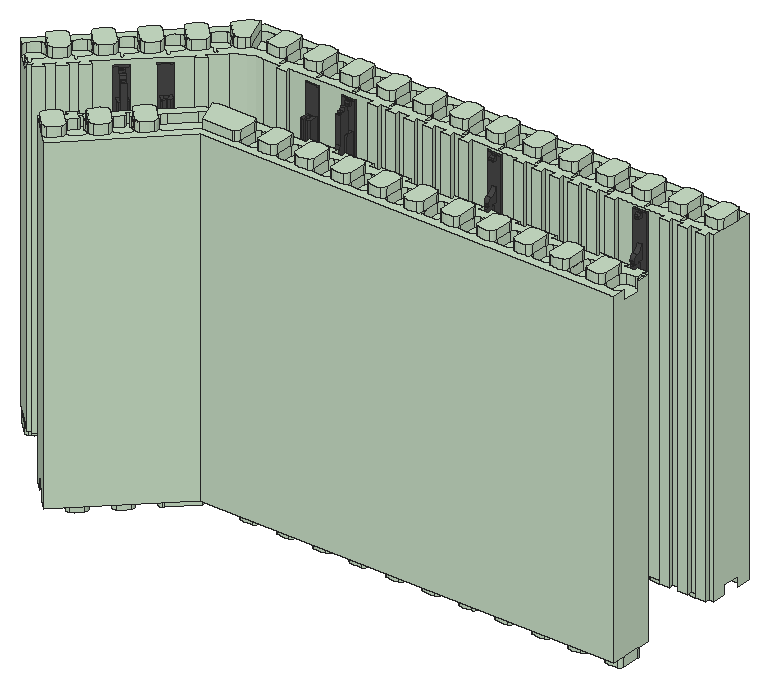
Revit family
Reference planes (in)
  plane 1 "Center (Front/Back)": y = 0
  plane 2: z = 0
  plane 3 "Center (Left/Right)": x = 0
  plane 4: y = 2
  plane 5: y = -2
  plane 6: through (-0.53553, 2.29289, 48) normal (0.7071, -0.7071, 0)
  plane 7: through (4.67464, 4.67464, 48) normal (0.7071, -0.7071, 0)
  plane 8: through (6.08886, 3.26043, 48) normal (0.7071, -0.7071, 0)
  plane 9: z = 18
  plane 10: through (-9.36225, -2.82151, 48) normal (0.7071, 0.7071, 0)
Forms (in)
  Extrusion 1, solid, material "NUDURA Expanded Polystyrene Foam Insulation"
    sketch origin (0, 0, 0) x (1, 0, 0) y (0, 1, 0)
      loop
        line (-1.91574, 4.625) -> (-9.36225, -2.82151) -> (-7.68287, -4.50089) -> (-7.48406, -4.30208) -> (-7.35136, -4.52293) -> (-6.95373, -4.1253) -> (-7.17458, -3.9926) -> (-6.77695, -3.59497) -> (-6.64425, -3.81582) -> (-6.24662, -3.41819) -> (-6.46747, -3.28549) -> (-6.06985, -2.88786) -> (-5.93714, -3.10872) -> (-5.53952, -2.71109) -> (-5.76037, -2.57839) -> (-2.53419, 0.64779) -> (-2.40149, 0.42694) -> (-2.00386, 0.82456) -> (-2.22471, 0.95727) -> (-1.51777, 1.66421)
        arc (-1.51777, 1.66421) -> (-0.86892, 2.09776) -> (-0.10355, 2.25) r 2
        line (-0.10355, 2.25) -> (0.89622, 2.25) -> (0.83389, 2) -> (1.39622, 2) -> (1.33389, 2.25) -> (5.89639, 2.25) -> (5.83406, 2) -> (6.39639, 2) -> (6.33406, 2.25) -> (6.89639, 2.25) -> (6.83406, 2) -> (7.39639, 2) -> (7.33406, 2.25) -> (7.89639, 2.25) -> (7.83406, 2) -> (8.39639, 2) -> (8.33406, 2.25) -> (8.89639, 2.25) -> (8.83406, 2) -> (9.39639, 2) -> (9.33406, 2.25) -> (9.89639, 2.25) -> (9.83406, 2) -> (10.39639, 2) -> (10.33406, 2.25) -> (10.89639, 2.25) -> (10.83406, 2) -> (11.39639, 2) -> (11.33406, 2.25) -> (13.89639, 2.25) -> (13.83406, 2) -> (14.39639, 2) -> (14.33406, 2.25) -> (14.89639, 2.25) -> (14.83406, 2) -> (15.39639, 2) -> (15.33406, 2.25) -> (15.89639, 2.25) -> (15.83406, 2) -> (16.39639, 2) -> (16.33406, 2.25) -> (16.89639, 2.25) -> (16.83406, 2) -> (17.39639, 2) -> (17.33406, 2.25) -> (17.89639, 2.25) -> (17.83406, 2) -> (18.39639, 2) -> (18.33406, 2.25) -> (18.89639, 2.25) -> (18.83406, 2) -> (19.39639, 2) -> (19.33406, 2.25) -> (21.89639, 2.25) -> (21.83406, 2) -> (22.39639, 2) -> (22.33406, 2.25) -> (22.89639, 2.25) -> (22.83406, 2) -> (23.39639, 2) -> (23.33406, 2.25) -> (23.89639, 2.25) -> (23.83406, 2) -> (24.39639, 2) -> (24.33406, 2.25) -> (24.61522, 2.25) -> (24.61522, 4.625) -> (-1.91574, 4.625)
      loop
        line (24.61522, -2.25) -> (24.33406, -2.25) -> (24.39639, -2) -> (23.83406, -2) -> (23.89639, -2.25) -> (23.33406, -2.25) -> (23.39639, -2) -> (22.83406, -2) -> (22.89639, -2.25) -> (22.33406, -2.25) -> (22.39639, -2) -> (21.83406, -2) -> (21.89639, -2.25) -> (19.33406, -2.25) -> (19.39639, -2) -> (18.83406, -2) -> (18.89639, -2.25) -> (18.33406, -2.25) -> (18.39639, -2) -> (17.83406, -2) -> (17.89639, -2.25) -> (17.33406, -2.25) -> (17.39639, -2) -> (16.83406, -2) -> (16.89639, -2.25) -> (16.33406, -2.25) -> (16.39639, -2) -> (15.83406, -2) -> (15.89639, -2.25) -> (15.33406, -2.25) -> (15.39639, -2) -> (14.83406, -2) -> (14.89639, -2.25) -> (14.33406, -2.25) -> (14.39639, -2) -> (13.83406, -2) -> (13.89639, -2.25) -> (11.33406, -2.25) -> (11.39639, -2) -> (10.83406, -2) -> (10.89639, -2.25) -> (10.33406, -2.25) -> (10.39639, -2) -> (9.83406, -2) -> (9.89639, -2.25) -> (9.33406, -2.25) -> (9.39639, -2) -> (8.83406, -2) -> (8.89639, -2.25) -> (8.33406, -2.25) -> (8.39639, -2) -> (7.83406, -2) -> (7.89639, -2.25) -> (7.33406, -2.25) -> (7.39639, -2) -> (6.83406, -2) -> (6.89639, -2.25) -> (6.33406, -2.25) -> (6.39639, -2) -> (5.83406, -2) -> (5.89639, -2.25) -> (1.76041, -2.25)
        arc (1.76041, -2.25) -> (0.99504, -2.40224) -> (0.34619, -2.83579) r 2
        line (0.34619, -2.83579) -> (-2.57839, -5.76037) -> (-2.71109, -5.53952) -> (-3.10872, -5.93714) -> (-2.88786, -6.06985) -> (-3.28549, -6.46747) -> (-3.41819, -6.24662) -> (-3.81582, -6.64425) -> (-3.59497, -6.77695) -> (-3.9926, -7.17458) -> (-4.1253, -6.95373) -> (-4.52293, -7.35136) -> (-4.30208, -7.48406) -> (-4.50089, -7.68287) -> (-2.82151, -9.36225) -> (1.91574, -4.625) -> (24.61522, -4.625) -> (24.61522, -2.25)
    from 0 to 18
  Extrusion 2, solid, material "NUDURA Expanded Polystyrene Foam Insulation"
    sketch origin (0.41421, -1, 0) x (1, 0, 0) y (0, 1, 0)
      loop
        line (-1.52741, 3.6875) -> (-2.09947, 5.06856)
        arc (-2.09947, 5.06856) -> (-2.3696, 4.92417) -> (-2.60638, 4.72985) r 1.5625
        line (-2.60638, 4.72985) -> (-2.74959, 4.58664)
        arc (-2.74959, 4.58664) -> (-2.85744, 4.46046) -> (-2.94431, 4.31902) r 1.0625
        arc (-2.94431, 4.31902) -> (-2.96867, 4.16628) -> (-2.8985, 4.02844) r 0.25
        line (-2.8985, 4.02844) -> (-2.24713, 3.37708)
        arc (-2.24713, 3.37708) -> (-2.10929, 3.3069) -> (-1.95655, 3.33126) r 0.25
        arc (-1.95655, 3.33126) -> (-1.81511, 3.41814) -> (-1.68893, 3.52598) r 1.0625
        line (-1.68893, 3.52598) -> (-1.52741, 3.6875)
    from 18 to 18.5
  Extrusion 3, solid, material "NUDURA Expanded Polystyrene Foam Insulation"
    sketch origin (0.41421, -1, 0) x (1, 0, 0) y (0, 1, 0)
      loop
        line (-1.52741, 3.6875) -> (-1.29899, 3.6875)
        arc (-1.29899, 3.6875) -> (-1.13351, 3.70047) -> (-0.97207, 3.73905) r 1.0625
        arc (-0.97207, 3.73905) -> (-0.84684, 3.82983) -> (-0.79899, 3.97692) r 0.25
        line (-0.79899, 3.97692) -> (-0.79899, 4.89808)
        arc (-0.79899, 4.89808) -> (-0.84684, 5.04517) -> (-0.97207, 5.13595) r 0.25
        arc (-0.97207, 5.13595) -> (-1.13351, 5.17453) -> (-1.29899, 5.1875) r 1.0625
        line (-1.29899, 5.1875) -> (-1.50152, 5.1875)
        arc (-1.50152, 5.1875) -> (-1.80635, 5.15748) -> (-2.09947, 5.06856) r 1.5625
        line (-2.09947, 5.06856) -> (-1.52741, 3.6875)
    from 0 to -0.5
  Extrusion 4, void
    sketch origin (-1, 0.41421, 0) x (1, 0, 0) y (0, 1, 0)
      loop
        arc (-1.33783, -8.60117) -> (-1.07021, -8.40645) -> (-0.87549, -8.13883) r 1.0625
        arc (-0.87549, -8.13883) -> (-0.85114, -7.98608) -> (-0.92131, -7.84824) r 0.25
        line (-0.92131, -7.84824) -> (-1.57267, -7.19688)
        arc (-1.57267, -7.19688) -> (-1.64938, -7.14456) -> (-1.7399, -7.12384) r 0.25
        arc (-1.7399, -7.12384) -> (-1.76253, -7.11866) -> (-1.78171, -7.10558) r 0.0625
        line (-1.78171, -7.10558) -> (-2.02643, -6.86086) -> (-2.14723, -6.98165) -> (-1.99053, -7.13835)
        arc (-1.99053, -7.13835) -> (-1.97244, -7.18765) -> (-1.99833, -7.23335) r 0.0625
        arc (-1.99833, -7.23335) -> (-2.18471, -7.40379) -> (-2.32559, -7.6134) r 1.0625
        arc (-2.32559, -7.6134) -> (-2.34995, -7.76615) -> (-2.27978, -7.90399) r 0.25
        line (-2.27978, -7.90399) -> (-1.62842, -8.55535)
        arc (-1.62842, -8.55535) -> (-1.49058, -8.62552) -> (-1.33783, -8.60117) r 0.25
    from 18 to 17.5
  Extrusion 5, void
    sketch origin (0.41421, 1.82843, 0) x (1, 0, 0) y (0, 1, 0)
      loop
        arc (-1.33783, -8.60117) -> (-1.07021, -8.40645) -> (-0.87549, -8.13883) r 1.0625
        arc (-0.87549, -8.13883) -> (-0.85114, -7.98608) -> (-0.92131, -7.84824) r 0.25
        line (-0.92131, -7.84824) -> (-1.57267, -7.19688)
        arc (-1.57267, -7.19688) -> (-1.64938, -7.14456) -> (-1.7399, -7.12384) r 0.25
        arc (-1.7399, -7.12384) -> (-1.76253, -7.11866) -> (-1.78171, -7.10558) r 0.0625
        line (-1.78171, -7.10558) -> (-2.02643, -6.86086) -> (-2.14723, -6.98165) -> (-1.99053, -7.13835)
        arc (-1.99053, -7.13835) -> (-1.97244, -7.18765) -> (-1.99833, -7.23335) r 0.0625
        arc (-1.99833, -7.23335) -> (-2.18471, -7.40379) -> (-2.32559, -7.6134) r 1.0625
        arc (-2.32559, -7.6134) -> (-2.34995, -7.76615) -> (-2.27978, -7.90399) r 0.25
        line (-2.27978, -7.90399) -> (-1.62842, -8.55535)
        arc (-1.62842, -8.55535) -> (-1.49058, -8.62552) -> (-1.33783, -8.60117) r 0.25
    from 18 to 17.5
  Extrusion 6, void
    sketch origin (10.81623, 1, 0) x (0.707107, -0.707107, 0) y (0.707107, 0.707107, 0)
      loop
        arc (-1.33783, -8.60117) -> (-1.07021, -8.40645) -> (-0.87549, -8.13883) r 1.0625
        arc (-0.87549, -8.13883) -> (-0.85114, -7.98608) -> (-0.92131, -7.84824) r 0.25
        line (-0.92131, -7.84824) -> (-1.57267, -7.19688)
        arc (-1.57267, -7.19688) -> (-1.64938, -7.14456) -> (-1.7399, -7.12384) r 0.25
        arc (-1.7399, -7.12384) -> (-1.76253, -7.11866) -> (-1.78171, -7.10558) r 0.0625
        line (-1.78171, -7.10558) -> (-2.02643, -6.86086) -> (-2.14723, -6.98165) -> (-1.99053, -7.13835)
        arc (-1.99053, -7.13835) -> (-1.97244, -7.18765) -> (-1.99833, -7.23335) r 0.0625
        arc (-1.99833, -7.23335) -> (-2.18471, -7.40379) -> (-2.32559, -7.6134) r 1.0625
        arc (-2.32559, -7.6134) -> (-2.34995, -7.76615) -> (-2.27978, -7.90399) r 0.25
        line (-2.27978, -7.90399) -> (-1.62842, -8.55535)
        arc (-1.62842, -8.55535) -> (-1.49058, -8.62552) -> (-1.33783, -8.60117) r 0.25
    from 18 to 17.5
  Extrusion 7, void
    sketch origin (12.81623, 1, 0) x (0.707107, -0.707107, 0) y (0.707107, 0.707107, 0)
      loop
        arc (-1.33783, -8.60117) -> (-1.07021, -8.40645) -> (-0.87549, -8.13883) r 1.0625
        arc (-0.87549, -8.13883) -> (-0.85114, -7.98608) -> (-0.92131, -7.84824) r 0.25
        line (-0.92131, -7.84824) -> (-1.57267, -7.19688)
        arc (-1.57267, -7.19688) -> (-1.64938, -7.14456) -> (-1.7399, -7.12384) r 0.25
        arc (-1.7399, -7.12384) -> (-1.76253, -7.11866) -> (-1.78171, -7.10558) r 0.0625
        line (-1.78171, -7.10558) -> (-2.02643, -6.86086) -> (-2.14723, -6.98165) -> (-1.99053, -7.13835)
        arc (-1.99053, -7.13835) -> (-1.97244, -7.18765) -> (-1.99833, -7.23335) r 0.0625
        arc (-1.99833, -7.23335) -> (-2.18471, -7.40379) -> (-2.32559, -7.6134) r 1.0625
        arc (-2.32559, -7.6134) -> (-2.34995, -7.76615) -> (-2.27978, -7.90399) r 0.25
        line (-2.27978, -7.90399) -> (-1.62842, -8.55535)
        arc (-1.62842, -8.55535) -> (-1.49058, -8.62552) -> (-1.33783, -8.60117) r 0.25
    from 18 to 17.5
  Extrusion 8, void
    sketch origin (14.81623, 1, 0) x (0.707107, -0.707107, 0) y (0.707107, 0.707107, 0)
      loop
        arc (-1.33783, -8.60117) -> (-1.07021, -8.40645) -> (-0.87549, -8.13883) r 1.0625
        arc (-0.87549, -8.13883) -> (-0.85114, -7.98608) -> (-0.92131, -7.84824) r 0.25
        line (-0.92131, -7.84824) -> (-1.57267, -7.19688)
        arc (-1.57267, -7.19688) -> (-1.64938, -7.14456) -> (-1.7399, -7.12384) r 0.25
        arc (-1.7399, -7.12384) -> (-1.76253, -7.11866) -> (-1.78171, -7.10558) r 0.0625
        line (-1.78171, -7.10558) -> (-2.02643, -6.86086) -> (-2.14723, -6.98165) -> (-1.99053, -7.13835)
        arc (-1.99053, -7.13835) -> (-1.97244, -7.18765) -> (-1.99833, -7.23335) r 0.0625
        arc (-1.99833, -7.23335) -> (-2.18471, -7.40379) -> (-2.32559, -7.6134) r 1.0625
        arc (-2.32559, -7.6134) -> (-2.34995, -7.76615) -> (-2.27978, -7.90399) r 0.25
        line (-2.27978, -7.90399) -> (-1.62842, -8.55535)
        arc (-1.62842, -8.55535) -> (-1.49058, -8.62552) -> (-1.33783, -8.60117) r 0.25
    from 18 to 17.5
  Extrusion 9, void
    sketch origin (16.81623, 1, 0) x (0.707107, -0.707107, 0) y (0.707107, 0.707107, 0)
      loop
        arc (-1.33783, -8.60117) -> (-1.07021, -8.40645) -> (-0.87549, -8.13883) r 1.0625
        arc (-0.87549, -8.13883) -> (-0.85114, -7.98608) -> (-0.92131, -7.84824) r 0.25
        line (-0.92131, -7.84824) -> (-1.57267, -7.19688)
        arc (-1.57267, -7.19688) -> (-1.64938, -7.14456) -> (-1.7399, -7.12384) r 0.25
        arc (-1.7399, -7.12384) -> (-1.76253, -7.11866) -> (-1.78171, -7.10558) r 0.0625
        line (-1.78171, -7.10558) -> (-2.02643, -6.86086) -> (-2.14723, -6.98165) -> (-1.99053, -7.13835)
        arc (-1.99053, -7.13835) -> (-1.97244, -7.18765) -> (-1.99833, -7.23335) r 0.0625
        arc (-1.99833, -7.23335) -> (-2.18471, -7.40379) -> (-2.32559, -7.6134) r 1.0625
        arc (-2.32559, -7.6134) -> (-2.34995, -7.76615) -> (-2.27978, -7.90399) r 0.25
        line (-2.27978, -7.90399) -> (-1.62842, -8.55535)
        arc (-1.62842, -8.55535) -> (-1.49058, -8.62552) -> (-1.33783, -8.60117) r 0.25
    from 18 to 17.5
  Extrusion 10, void
    sketch origin (18.81623, 1, 0) x (0.707107, -0.707107, 0) y (0.707107, 0.707107, 0)
      loop
        arc (-1.33783, -8.60117) -> (-1.07021, -8.40645) -> (-0.87549, -8.13883) r 1.0625
        arc (-0.87549, -8.13883) -> (-0.85114, -7.98608) -> (-0.92131, -7.84824) r 0.25
        line (-0.92131, -7.84824) -> (-1.57267, -7.19688)
        arc (-1.57267, -7.19688) -> (-1.64938, -7.14456) -> (-1.7399, -7.12384) r 0.25
        arc (-1.7399, -7.12384) -> (-1.76253, -7.11866) -> (-1.78171, -7.10558) r 0.0625
        line (-1.78171, -7.10558) -> (-2.02643, -6.86086) -> (-2.14723, -6.98165) -> (-1.99053, -7.13835)
        arc (-1.99053, -7.13835) -> (-1.97244, -7.18765) -> (-1.99833, -7.23335) r 0.0625
        arc (-1.99833, -7.23335) -> (-2.18471, -7.40379) -> (-2.32559, -7.6134) r 1.0625
        arc (-2.32559, -7.6134) -> (-2.34995, -7.76615) -> (-2.27978, -7.90399) r 0.25
        line (-2.27978, -7.90399) -> (-1.62842, -8.55535)
        arc (-1.62842, -8.55535) -> (-1.49058, -8.62552) -> (-1.33783, -8.60117) r 0.25
    from 18 to 17.5
  Extrusion 11, void
    sketch origin (20.81623, 1, 0) x (0.707107, -0.707107, 0) y (0.707107, 0.707107, 0)
      loop
        arc (-1.33783, -8.60117) -> (-1.07021, -8.40645) -> (-0.87549, -8.13883) r 1.0625
        arc (-0.87549, -8.13883) -> (-0.85114, -7.98608) -> (-0.92131, -7.84824) r 0.25
        line (-0.92131, -7.84824) -> (-1.57267, -7.19688)
        arc (-1.57267, -7.19688) -> (-1.64938, -7.14456) -> (-1.7399, -7.12384) r 0.25
        arc (-1.7399, -7.12384) -> (-1.76253, -7.11866) -> (-1.78171, -7.10558) r 0.0625
        line (-1.78171, -7.10558) -> (-2.02643, -6.86086) -> (-2.14723, -6.98165) -> (-1.99053, -7.13835)
        arc (-1.99053, -7.13835) -> (-1.97244, -7.18765) -> (-1.99833, -7.23335) r 0.0625
        arc (-1.99833, -7.23335) -> (-2.18471, -7.40379) -> (-2.32559, -7.6134) r 1.0625
        arc (-2.32559, -7.6134) -> (-2.34995, -7.76615) -> (-2.27978, -7.90399) r 0.25
        line (-2.27978, -7.90399) -> (-1.62842, -8.55535)
        arc (-1.62842, -8.55535) -> (-1.49058, -8.62552) -> (-1.33783, -8.60117) r 0.25
    from 18 to 17.5
  Extrusion 12, void
    sketch origin (22.81623, 1, 0) x (0.707107, -0.707107, 0) y (0.707107, 0.707107, 0)
      loop
        arc (-1.33783, -8.60117) -> (-1.07021, -8.40645) -> (-0.87549, -8.13883) r 1.0625
        arc (-0.87549, -8.13883) -> (-0.85114, -7.98608) -> (-0.92131, -7.84824) r 0.25
        line (-0.92131, -7.84824) -> (-1.57267, -7.19688)
        arc (-1.57267, -7.19688) -> (-1.64938, -7.14456) -> (-1.7399, -7.12384) r 0.25
        arc (-1.7399, -7.12384) -> (-1.76253, -7.11866) -> (-1.78171, -7.10558) r 0.0625
        line (-1.78171, -7.10558) -> (-2.02643, -6.86086) -> (-2.14723, -6.98165) -> (-1.99053, -7.13835)
        arc (-1.99053, -7.13835) -> (-1.97244, -7.18765) -> (-1.99833, -7.23335) r 0.0625
        arc (-1.99833, -7.23335) -> (-2.18471, -7.40379) -> (-2.32559, -7.6134) r 1.0625
        arc (-2.32559, -7.6134) -> (-2.34995, -7.76615) -> (-2.27978, -7.90399) r 0.25
        line (-2.27978, -7.90399) -> (-1.62842, -8.55535)
        arc (-1.62842, -8.55535) -> (-1.49058, -8.62552) -> (-1.33783, -8.60117) r 0.25
    from 18 to 17.5
  Extrusion 13, void
    sketch origin (24.81623, 1, 0) x (0.707107, -0.707107, 0) y (0.707107, 0.707107, 0)
      loop
        arc (-1.33783, -8.60117) -> (-1.07021, -8.40645) -> (-0.87549, -8.13883) r 1.0625
        arc (-0.87549, -8.13883) -> (-0.85114, -7.98608) -> (-0.92131, -7.84824) r 0.25
        line (-0.92131, -7.84824) -> (-1.57267, -7.19688)
        arc (-1.57267, -7.19688) -> (-1.64938, -7.14456) -> (-1.7399, -7.12384) r 0.25
        arc (-1.7399, -7.12384) -> (-1.76253, -7.11866) -> (-1.78171, -7.10558) r 0.0625
        line (-1.78171, -7.10558) -> (-2.02643, -6.86086) -> (-2.14723, -6.98165) -> (-1.99053, -7.13835)
        arc (-1.99053, -7.13835) -> (-1.97244, -7.18765) -> (-1.99833, -7.23335) r 0.0625
        arc (-1.99833, -7.23335) -> (-2.18471, -7.40379) -> (-2.32559, -7.6134) r 1.0625
        arc (-2.32559, -7.6134) -> (-2.34995, -7.76615) -> (-2.27978, -7.90399) r 0.25
        line (-2.27978, -7.90399) -> (-1.62842, -8.55535)
        arc (-1.62842, -8.55535) -> (-1.49058, -8.62552) -> (-1.33783, -8.60117) r 0.25
    from 18 to 17.5
  Extrusion 14, void
    sketch origin (26.81623, 1, 0) x (0.707107, -0.707107, 0) y (0.707107, 0.707107, 0)
      loop
        arc (-1.33783, -8.60117) -> (-1.07021, -8.40645) -> (-0.87549, -8.13883) r 1.0625
        arc (-0.87549, -8.13883) -> (-0.85114, -7.98608) -> (-0.92131, -7.84824) r 0.25
        line (-0.92131, -7.84824) -> (-1.57267, -7.19688)
        arc (-1.57267, -7.19688) -> (-1.64938, -7.14456) -> (-1.7399, -7.12384) r 0.25
        arc (-1.7399, -7.12384) -> (-1.76253, -7.11866) -> (-1.78171, -7.10558) r 0.0625
        line (-1.78171, -7.10558) -> (-2.02643, -6.86086) -> (-2.14723, -6.98165) -> (-1.99053, -7.13835)
        arc (-1.99053, -7.13835) -> (-1.97244, -7.18765) -> (-1.99833, -7.23335) r 0.0625
        arc (-1.99833, -7.23335) -> (-2.18471, -7.40379) -> (-2.32559, -7.6134) r 1.0625
        arc (-2.32559, -7.6134) -> (-2.34995, -7.76615) -> (-2.27978, -7.90399) r 0.25
        line (-2.27978, -7.90399) -> (-1.62842, -8.55535)
        arc (-1.62842, -8.55535) -> (-1.49058, -8.62552) -> (-1.33783, -8.60117) r 0.25
    from 18 to 17.5
  Extrusion 15, void
    sketch origin (28.81623, 1, 0) x (0.707107, -0.707107, 0) y (0.707107, 0.707107, 0)
      loop
        arc (-1.33783, -8.60117) -> (-1.07021, -8.40645) -> (-0.87549, -8.13883) r 1.0625
        arc (-0.87549, -8.13883) -> (-0.85114, -7.98608) -> (-0.92131, -7.84824) r 0.25
        line (-0.92131, -7.84824) -> (-1.57267, -7.19688)
        arc (-1.57267, -7.19688) -> (-1.64938, -7.14456) -> (-1.7399, -7.12384) r 0.25
        arc (-1.7399, -7.12384) -> (-1.76253, -7.11866) -> (-1.78171, -7.10558) r 0.0625
        line (-1.78171, -7.10558) -> (-2.02643, -6.86086) -> (-2.14723, -6.98165) -> (-1.99053, -7.13835)
        arc (-1.99053, -7.13835) -> (-1.97244, -7.18765) -> (-1.99833, -7.23335) r 0.0625
        arc (-1.99833, -7.23335) -> (-2.18471, -7.40379) -> (-2.32559, -7.6134) r 1.0625
        arc (-2.32559, -7.6134) -> (-2.34995, -7.76615) -> (-2.27978, -7.90399) r 0.25
        line (-2.27978, -7.90399) -> (-1.62842, -8.55535)
        arc (-1.62842, -8.55535) -> (-1.49058, -8.62552) -> (-1.33783, -8.60117) r 0.25
    from 18 to 17.5
  Extrusion 16, void
    sketch origin (30.81623, 1, 0) x (0.707107, -0.707107, 0) y (0.707107, 0.707107, 0)
      loop
        arc (-1.33783, -8.60117) -> (-1.07021, -8.40645) -> (-0.87549, -8.13883) r 1.0625
        arc (-0.87549, -8.13883) -> (-0.85114, -7.98608) -> (-0.92131, -7.84824) r 0.25
        line (-0.92131, -7.84824) -> (-1.57267, -7.19688)
        arc (-1.57267, -7.19688) -> (-1.64938, -7.14456) -> (-1.7399, -7.12384) r 0.25
        arc (-1.7399, -7.12384) -> (-1.76253, -7.11866) -> (-1.78171, -7.10558) r 0.0625
        line (-1.78171, -7.10558) -> (-2.02643, -6.86086) -> (-2.14723, -6.98165) -> (-1.99053, -7.13835)
        arc (-1.99053, -7.13835) -> (-1.97244, -7.18765) -> (-1.99833, -7.23335) r 0.0625
        arc (-1.99833, -7.23335) -> (-2.18471, -7.40379) -> (-2.32559, -7.6134) r 1.0625
        arc (-2.32559, -7.6134) -> (-2.34995, -7.76615) -> (-2.27978, -7.90399) r 0.25
        line (-2.27978, -7.90399) -> (-1.62842, -8.55535)
        arc (-1.62842, -8.55535) -> (-1.49058, -8.62552) -> (-1.33783, -8.60117) r 0.25
    from 18 to 17.5
  Extrusion 17, void
    sketch origin (14.41421, -1, 0) x (-0.707107, 0.707107, 0) y (-0.707107, -0.707107, 0)
      loop
        arc (-1.33783, -8.60117) -> (-1.07021, -8.40645) -> (-0.87549, -8.13883) r 1.0625
        arc (-0.87549, -8.13883) -> (-0.85114, -7.98608) -> (-0.92131, -7.84824) r 0.25
        line (-0.92131, -7.84824) -> (-1.57267, -7.19688)
        arc (-1.57267, -7.19688) -> (-1.64938, -7.14456) -> (-1.7399, -7.12384) r 0.25
        arc (-1.7399, -7.12384) -> (-1.76253, -7.11866) -> (-1.78171, -7.10558) r 0.0625
        line (-1.78171, -7.10558) -> (-2.02643, -6.86086) -> (-2.14723, -6.98165) -> (-1.99053, -7.13835)
        arc (-1.99053, -7.13835) -> (-1.97244, -7.18765) -> (-1.99833, -7.23335) r 0.0625
        arc (-1.99833, -7.23335) -> (-2.18471, -7.40379) -> (-2.32559, -7.6134) r 1.0625
        arc (-2.32559, -7.6134) -> (-2.34995, -7.76615) -> (-2.27978, -7.90399) r 0.25
        line (-2.27978, -7.90399) -> (-1.62842, -8.55535)
        arc (-1.62842, -8.55535) -> (-1.49058, -8.62552) -> (-1.33783, -8.60117) r 0.25
    from 18 to 17.5
  Extrusion 18, void
    sketch origin (16.41421, -1, 0) x (-0.707107, 0.707107, 0) y (-0.707107, -0.707107, 0)
      loop
        arc (-1.33783, -8.60117) -> (-1.07021, -8.40645) -> (-0.87549, -8.13883) r 1.0625
        arc (-0.87549, -8.13883) -> (-0.85114, -7.98608) -> (-0.92131, -7.84824) r 0.25
        line (-0.92131, -7.84824) -> (-1.57267, -7.19688)
        arc (-1.57267, -7.19688) -> (-1.64938, -7.14456) -> (-1.7399, -7.12384) r 0.25
        arc (-1.7399, -7.12384) -> (-1.76253, -7.11866) -> (-1.78171, -7.10558) r 0.0625
        line (-1.78171, -7.10558) -> (-2.02643, -6.86086) -> (-2.14723, -6.98165) -> (-1.99053, -7.13835)
        arc (-1.99053, -7.13835) -> (-1.97244, -7.18765) -> (-1.99833, -7.23335) r 0.0625
        arc (-1.99833, -7.23335) -> (-2.18471, -7.40379) -> (-2.32559, -7.6134) r 1.0625
        arc (-2.32559, -7.6134) -> (-2.34995, -7.76615) -> (-2.27978, -7.90399) r 0.25
        line (-2.27978, -7.90399) -> (-1.62842, -8.55535)
        arc (-1.62842, -8.55535) -> (-1.49058, -8.62552) -> (-1.33783, -8.60117) r 0.25
    from 18 to 17.5
  Extrusion 19, void
    sketch origin (12.41421, -1, 0) x (-0.707107, 0.707107, 0) y (-0.707107, -0.707107, 0)
      loop
        arc (-1.33783, -8.60117) -> (-1.07021, -8.40645) -> (-0.87549, -8.13883) r 1.0625
        arc (-0.87549, -8.13883) -> (-0.85114, -7.98608) -> (-0.92131, -7.84824) r 0.25
        line (-0.92131, -7.84824) -> (-1.57267, -7.19688)
        arc (-1.57267, -7.19688) -> (-1.64938, -7.14456) -> (-1.7399, -7.12384) r 0.25
        arc (-1.7399, -7.12384) -> (-1.76253, -7.11866) -> (-1.78171, -7.10558) r 0.0625
        line (-1.78171, -7.10558) -> (-2.02643, -6.86086) -> (-2.14723, -6.98165) -> (-1.99053, -7.13835)
        arc (-1.99053, -7.13835) -> (-1.97244, -7.18765) -> (-1.99833, -7.23335) r 0.0625
        arc (-1.99833, -7.23335) -> (-2.18471, -7.40379) -> (-2.32559, -7.6134) r 1.0625
        arc (-2.32559, -7.6134) -> (-2.34995, -7.76615) -> (-2.27978, -7.90399) r 0.25
        line (-2.27978, -7.90399) -> (-1.62842, -8.55535)
        arc (-1.62842, -8.55535) -> (-1.49058, -8.62552) -> (-1.33783, -8.60117) r 0.25
    from 18 to 17.5
  Extrusion 20, void
    sketch origin (10.41421, -1, 0) x (-0.707107, 0.707107, 0) y (-0.707107, -0.707107, 0)
      loop
        arc (-1.33783, -8.60117) -> (-1.07021, -8.40645) -> (-0.87549, -8.13883) r 1.0625
        arc (-0.87549, -8.13883) -> (-0.85114, -7.98608) -> (-0.92131, -7.84824) r 0.25
        line (-0.92131, -7.84824) -> (-1.57267, -7.19688)
        arc (-1.57267, -7.19688) -> (-1.64938, -7.14456) -> (-1.7399, -7.12384) r 0.25
        arc (-1.7399, -7.12384) -> (-1.76253, -7.11866) -> (-1.78171, -7.10558) r 0.0625
        line (-1.78171, -7.10558) -> (-2.02643, -6.86086) -> (-2.14723, -6.98165) -> (-1.99053, -7.13835)
        arc (-1.99053, -7.13835) -> (-1.97244, -7.18765) -> (-1.99833, -7.23335) r 0.0625
        arc (-1.99833, -7.23335) -> (-2.18471, -7.40379) -> (-2.32559, -7.6134) r 1.0625
        arc (-2.32559, -7.6134) -> (-2.34995, -7.76615) -> (-2.27978, -7.90399) r 0.25
        line (-2.27978, -7.90399) -> (-1.62842, -8.55535)
        arc (-1.62842, -8.55535) -> (-1.49058, -8.62552) -> (-1.33783, -8.60117) r 0.25
    from 18 to 17.5
  Extrusion 21, void
    sketch origin (8.41421, -1, 0) x (-0.707107, 0.707107, 0) y (-0.707107, -0.707107, 0)
      loop
        arc (-1.33783, -8.60117) -> (-1.07021, -8.40645) -> (-0.87549, -8.13883) r 1.0625
        arc (-0.87549, -8.13883) -> (-0.85114, -7.98608) -> (-0.92131, -7.84824) r 0.25
        line (-0.92131, -7.84824) -> (-1.57267, -7.19688)
        arc (-1.57267, -7.19688) -> (-1.64938, -7.14456) -> (-1.7399, -7.12384) r 0.25
        arc (-1.7399, -7.12384) -> (-1.76253, -7.11866) -> (-1.78171, -7.10558) r 0.0625
        line (-1.78171, -7.10558) -> (-2.02643, -6.86086) -> (-2.14723, -6.98165) -> (-1.99053, -7.13835)
        arc (-1.99053, -7.13835) -> (-1.97244, -7.18765) -> (-1.99833, -7.23335) r 0.0625
        arc (-1.99833, -7.23335) -> (-2.18471, -7.40379) -> (-2.32559, -7.6134) r 1.0625
        arc (-2.32559, -7.6134) -> (-2.34995, -7.76615) -> (-2.27978, -7.90399) r 0.25
        line (-2.27978, -7.90399) -> (-1.62842, -8.55535)
        arc (-1.62842, -8.55535) -> (-1.49058, -8.62552) -> (-1.33783, -8.60117) r 0.25
    from 18 to 17.5
  Extrusion 22, void
    sketch origin (6.41421, -1, 0) x (-0.707107, 0.707107, 0) y (-0.707107, -0.707107, 0)
      loop
        arc (-1.33783, -8.60117) -> (-1.07021, -8.40645) -> (-0.87549, -8.13883) r 1.0625
        arc (-0.87549, -8.13883) -> (-0.85114, -7.98608) -> (-0.92131, -7.84824) r 0.25
        line (-0.92131, -7.84824) -> (-1.57267, -7.19688)
        arc (-1.57267, -7.19688) -> (-1.64938, -7.14456) -> (-1.7399, -7.12384) r 0.25
        arc (-1.7399, -7.12384) -> (-1.76253, -7.11866) -> (-1.78171, -7.10558) r 0.0625
        line (-1.78171, -7.10558) -> (-2.02643, -6.86086) -> (-2.14723, -6.98165) -> (-1.99053, -7.13835)
        arc (-1.99053, -7.13835) -> (-1.97244, -7.18765) -> (-1.99833, -7.23335) r 0.0625
        arc (-1.99833, -7.23335) -> (-2.18471, -7.40379) -> (-2.32559, -7.6134) r 1.0625
        arc (-2.32559, -7.6134) -> (-2.34995, -7.76615) -> (-2.27978, -7.90399) r 0.25
        line (-2.27978, -7.90399) -> (-1.62842, -8.55535)
        arc (-1.62842, -8.55535) -> (-1.49058, -8.62552) -> (-1.33783, -8.60117) r 0.25
    from 18 to 17.5
  Extrusion 23, void
    sketch origin (4.41421, -1, 0) x (-0.707107, 0.707107, 0) y (-0.707107, -0.707107, 0)
      loop
        arc (-1.33783, -8.60117) -> (-1.07021, -8.40645) -> (-0.87549, -8.13883) r 1.0625
        arc (-0.87549, -8.13883) -> (-0.85114, -7.98608) -> (-0.92131, -7.84824) r 0.25
        line (-0.92131, -7.84824) -> (-1.57267, -7.19688)
        arc (-1.57267, -7.19688) -> (-1.64938, -7.14456) -> (-1.7399, -7.12384) r 0.25
        arc (-1.7399, -7.12384) -> (-1.76253, -7.11866) -> (-1.78171, -7.10558) r 0.0625
        line (-1.78171, -7.10558) -> (-2.02643, -6.86086) -> (-2.14723, -6.98165) -> (-1.99053, -7.13835)
        arc (-1.99053, -7.13835) -> (-1.97244, -7.18765) -> (-1.99833, -7.23335) r 0.0625
        arc (-1.99833, -7.23335) -> (-2.18471, -7.40379) -> (-2.32559, -7.6134) r 1.0625
        arc (-2.32559, -7.6134) -> (-2.34995, -7.76615) -> (-2.27978, -7.90399) r 0.25
        line (-2.27978, -7.90399) -> (-1.62842, -8.55535)
        arc (-1.62842, -8.55535) -> (-1.49058, -8.62552) -> (-1.33783, -8.60117) r 0.25
    from 18 to 17.5
  Extrusion 24, void
    sketch origin (2.41421, -1, 0) x (-0.707107, 0.707107, 0) y (-0.707107, -0.707107, 0)
      loop
        arc (-1.33783, -8.60117) -> (-1.07021, -8.40645) -> (-0.87549, -8.13883) r 1.0625
        arc (-0.87549, -8.13883) -> (-0.85114, -7.98608) -> (-0.92131, -7.84824) r 0.25
        line (-0.92131, -7.84824) -> (-1.57267, -7.19688)
        arc (-1.57267, -7.19688) -> (-1.64938, -7.14456) -> (-1.7399, -7.12384) r 0.25
        arc (-1.7399, -7.12384) -> (-1.76253, -7.11866) -> (-1.78171, -7.10558) r 0.0625
        line (-1.78171, -7.10558) -> (-2.02643, -6.86086) -> (-2.14723, -6.98165) -> (-1.99053, -7.13835)
        arc (-1.99053, -7.13835) -> (-1.97244, -7.18765) -> (-1.99833, -7.23335) r 0.0625
        arc (-1.99833, -7.23335) -> (-2.18471, -7.40379) -> (-2.32559, -7.6134) r 1.0625
        arc (-2.32559, -7.6134) -> (-2.34995, -7.76615) -> (-2.27978, -7.90399) r 0.25
        line (-2.27978, -7.90399) -> (-1.62842, -8.55535)
        arc (-1.62842, -8.55535) -> (-1.49058, -8.62552) -> (-1.33783, -8.60117) r 0.25
    from 18 to 17.5
  Extrusion 25, void
    sketch origin (0.41421, -1, 0) x (-0.707107, 0.707107, 0) y (-0.707107, -0.707107, 0)
      loop
        arc (-1.33783, -8.60117) -> (-1.07021, -8.40645) -> (-0.87549, -8.13883) r 1.0625
        arc (-0.87549, -8.13883) -> (-0.85114, -7.98608) -> (-0.92131, -7.84824) r 0.25
        line (-0.92131, -7.84824) -> (-1.57267, -7.19688)
        arc (-1.57267, -7.19688) -> (-1.64938, -7.14456) -> (-1.7399, -7.12384) r 0.25
        arc (-1.7399, -7.12384) -> (-1.76253, -7.11866) -> (-1.78171, -7.10558) r 0.0625
        line (-1.78171, -7.10558) -> (-2.02643, -6.86086) -> (-2.14723, -6.98165) -> (-1.99053, -7.13835)
        arc (-1.99053, -7.13835) -> (-1.97244, -7.18765) -> (-1.99833, -7.23335) r 0.0625
        arc (-1.99833, -7.23335) -> (-2.18471, -7.40379) -> (-2.32559, -7.6134) r 1.0625
        arc (-2.32559, -7.6134) -> (-2.34995, -7.76615) -> (-2.27978, -7.90399) r 0.25
        line (-2.27978, -7.90399) -> (-1.62842, -8.55535)
        arc (-1.62842, -8.55535) -> (-1.49058, -8.62552) -> (-1.33783, -8.60117) r 0.25
    from 18 to 17.5
  Extrusion 26, void
    sketch origin (-1.58579, -1, 0) x (-0.707107, 0.707107, 0) y (-0.707107, -0.707107, 0)
      loop
        arc (-1.33783, -8.60117) -> (-1.07021, -8.40645) -> (-0.87549, -8.13883) r 1.0625
        arc (-0.87549, -8.13883) -> (-0.85114, -7.98608) -> (-0.92131, -7.84824) r 0.25
        line (-0.92131, -7.84824) -> (-1.57267, -7.19688)
        arc (-1.57267, -7.19688) -> (-1.64938, -7.14456) -> (-1.7399, -7.12384) r 0.25
        arc (-1.7399, -7.12384) -> (-1.76253, -7.11866) -> (-1.78171, -7.10558) r 0.0625
        line (-1.78171, -7.10558) -> (-2.02643, -6.86086) -> (-2.14723, -6.98165) -> (-1.99053, -7.13835)
        arc (-1.99053, -7.13835) -> (-1.97244, -7.18765) -> (-1.99833, -7.23335) r 0.0625
        arc (-1.99833, -7.23335) -> (-2.18471, -7.40379) -> (-2.32559, -7.6134) r 1.0625
        arc (-2.32559, -7.6134) -> (-2.34995, -7.76615) -> (-2.27978, -7.90399) r 0.25
        line (-2.27978, -7.90399) -> (-1.62842, -8.55535)
        arc (-1.62842, -8.55535) -> (-1.49058, -8.62552) -> (-1.33783, -8.60117) r 0.25
    from 18 to 17.5
  Extrusion 27, void
    sketch origin (-3.58579, -1, 0) x (-0.707107, 0.707107, 0) y (-0.707107, -0.707107, 0)
      loop
        arc (-1.33783, -8.60117) -> (-1.07021, -8.40645) -> (-0.87549, -8.13883) r 1.0625
        arc (-0.87549, -8.13883) -> (-0.85114, -7.98608) -> (-0.92131, -7.84824) r 0.25
        line (-0.92131, -7.84824) -> (-1.57267, -7.19688)
        arc (-1.57267, -7.19688) -> (-1.64938, -7.14456) -> (-1.7399, -7.12384) r 0.25
        arc (-1.7399, -7.12384) -> (-1.76253, -7.11866) -> (-1.78171, -7.10558) r 0.0625
        line (-1.78171, -7.10558) -> (-2.02643, -6.86086) -> (-2.14723, -6.98165) -> (-1.99053, -7.13835)
        arc (-1.99053, -7.13835) -> (-1.97244, -7.18765) -> (-1.99833, -7.23335) r 0.0625
        arc (-1.99833, -7.23335) -> (-2.18471, -7.40379) -> (-2.32559, -7.6134) r 1.0625
        arc (-2.32559, -7.6134) -> (-2.34995, -7.76615) -> (-2.27978, -7.90399) r 0.25
        line (-2.27978, -7.90399) -> (-1.62842, -8.55535)
        arc (-1.62842, -8.55535) -> (-1.49058, -8.62552) -> (-1.33783, -8.60117) r 0.25
    from 18 to 17.5
  Extrusion 28, void
    sketch origin (-5.58579, -1, 0) x (-0.707107, 0.707107, 0) y (-0.707107, -0.707107, 0)
      loop
        arc (-1.33783, -8.60117) -> (-1.07021, -8.40645) -> (-0.87549, -8.13883) r 1.0625
        arc (-0.87549, -8.13883) -> (-0.85114, -7.98608) -> (-0.92131, -7.84824) r 0.25
        line (-0.92131, -7.84824) -> (-1.57267, -7.19688)
        arc (-1.57267, -7.19688) -> (-1.64938, -7.14456) -> (-1.7399, -7.12384) r 0.25
        arc (-1.7399, -7.12384) -> (-1.76253, -7.11866) -> (-1.78171, -7.10558) r 0.0625
        line (-1.78171, -7.10558) -> (-2.02643, -6.86086) -> (-2.14723, -6.98165) -> (-1.99053, -7.13835)
        arc (-1.99053, -7.13835) -> (-1.97244, -7.18765) -> (-1.99833, -7.23335) r 0.0625
        arc (-1.99833, -7.23335) -> (-2.18471, -7.40379) -> (-2.32559, -7.6134) r 1.0625
        arc (-2.32559, -7.6134) -> (-2.34995, -7.76615) -> (-2.27978, -7.90399) r 0.25
        line (-2.27978, -7.90399) -> (-1.62842, -8.55535)
        arc (-1.62842, -8.55535) -> (-1.49058, -8.62552) -> (-1.33783, -8.60117) r 0.25
    from 18 to 17.5
  Extrusion 29, void
    sketch origin (-9.76955, -11.18377, 0) x (-1, 0, 0) y (0, -1, 0)
      loop
        arc (-1.33783, -8.60117) -> (-1.07021, -8.40645) -> (-0.87549, -8.13883) r 1.0625
        arc (-0.87549, -8.13883) -> (-0.85114, -7.98608) -> (-0.92131, -7.84824) r 0.25
        line (-0.92131, -7.84824) -> (-1.57267, -7.19688)
        arc (-1.57267, -7.19688) -> (-1.64938, -7.14456) -> (-1.7399, -7.12384) r 0.25
        arc (-1.7399, -7.12384) -> (-1.76253, -7.11866) -> (-1.78171, -7.10558) r 0.0625
        line (-1.78171, -7.10558) -> (-2.02643, -6.86086) -> (-2.14723, -6.98165) -> (-1.99053, -7.13835)
        arc (-1.99053, -7.13835) -> (-1.97244, -7.18765) -> (-1.99833, -7.23335) r 0.0625
        arc (-1.99833, -7.23335) -> (-2.18471, -7.40379) -> (-2.32559, -7.6134) r 1.0625
        arc (-2.32559, -7.6134) -> (-2.34995, -7.76615) -> (-2.27978, -7.90399) r 0.25
        line (-2.27978, -7.90399) -> (-1.62842, -8.55535)
        arc (-1.62842, -8.55535) -> (-1.49058, -8.62552) -> (-1.33783, -8.60117) r 0.25
    from 18 to 17.5
  Extrusion 30, void
    sketch origin (-8.35534, -9.76955, 0) x (-1, 0, 0) y (0, -1, 0)
      loop
        arc (-1.33783, -8.60117) -> (-1.07021, -8.40645) -> (-0.87549, -8.13883) r 1.0625
        arc (-0.87549, -8.13883) -> (-0.85114, -7.98608) -> (-0.92131, -7.84824) r 0.25
        line (-0.92131, -7.84824) -> (-1.57267, -7.19688)
        arc (-1.57267, -7.19688) -> (-1.64938, -7.14456) -> (-1.7399, -7.12384) r 0.25
        arc (-1.7399, -7.12384) -> (-1.76253, -7.11866) -> (-1.78171, -7.10558) r 0.0625
        line (-1.78171, -7.10558) -> (-2.02643, -6.86086) -> (-2.14723, -6.98165) -> (-1.99053, -7.13835)
        arc (-1.99053, -7.13835) -> (-1.97244, -7.18765) -> (-1.99833, -7.23335) r 0.0625
        arc (-1.99833, -7.23335) -> (-2.18471, -7.40379) -> (-2.32559, -7.6134) r 1.0625
        arc (-2.32559, -7.6134) -> (-2.34995, -7.76615) -> (-2.27978, -7.90399) r 0.25
        line (-2.27978, -7.90399) -> (-1.62842, -8.55535)
        arc (-1.62842, -8.55535) -> (-1.49058, -8.62552) -> (-1.33783, -8.60117) r 0.25
    from 18 to 17.5
  Extrusion 31, void
    sketch origin (-6.94113, -8.35534, 0) x (-1, 0, 0) y (0, -1, 0)
      loop
        arc (-1.33783, -8.60117) -> (-1.07021, -8.40645) -> (-0.87549, -8.13883) r 1.0625
        arc (-0.87549, -8.13883) -> (-0.85114, -7.98608) -> (-0.92131, -7.84824) r 0.25
        line (-0.92131, -7.84824) -> (-1.57267, -7.19688)
        arc (-1.57267, -7.19688) -> (-1.64938, -7.14456) -> (-1.7399, -7.12384) r 0.25
        arc (-1.7399, -7.12384) -> (-1.76253, -7.11866) -> (-1.78171, -7.10558) r 0.0625
        line (-1.78171, -7.10558) -> (-2.02643, -6.86086) -> (-2.14723, -6.98165) -> (-1.99053, -7.13835)
        arc (-1.99053, -7.13835) -> (-1.97244, -7.18765) -> (-1.99833, -7.23335) r 0.0625
        arc (-1.99833, -7.23335) -> (-2.18471, -7.40379) -> (-2.32559, -7.6134) r 1.0625
        arc (-2.32559, -7.6134) -> (-2.34995, -7.76615) -> (-2.27978, -7.90399) r 0.25
        line (-2.27978, -7.90399) -> (-1.62842, -8.55535)
        arc (-1.62842, -8.55535) -> (-1.49058, -8.62552) -> (-1.33783, -8.60117) r 0.25
    from 18 to 17.5
  Extrusion 32, void
    sketch origin (-5.52691, -6.94113, 0) x (-1, 0, 0) y (0, -1, 0)
      loop
        arc (-1.33783, -8.60117) -> (-1.07021, -8.40645) -> (-0.87549, -8.13883) r 1.0625
        arc (-0.87549, -8.13883) -> (-0.85114, -7.98608) -> (-0.92131, -7.84824) r 0.25
        line (-0.92131, -7.84824) -> (-1.57267, -7.19688)
        arc (-1.57267, -7.19688) -> (-1.64938, -7.14456) -> (-1.7399, -7.12384) r 0.25
        arc (-1.7399, -7.12384) -> (-1.76253, -7.11866) -> (-1.78171, -7.10558) r 0.0625
        line (-1.78171, -7.10558) -> (-2.02643, -6.86086) -> (-2.14723, -6.98165) -> (-1.99053, -7.13835)
        arc (-1.99053, -7.13835) -> (-1.97244, -7.18765) -> (-1.99833, -7.23335) r 0.0625
        arc (-1.99833, -7.23335) -> (-2.18471, -7.40379) -> (-2.32559, -7.6134) r 1.0625
        arc (-2.32559, -7.6134) -> (-2.34995, -7.76615) -> (-2.27978, -7.90399) r 0.25
        line (-2.27978, -7.90399) -> (-1.62842, -8.55535)
        arc (-1.62842, -8.55535) -> (-1.49058, -8.62552) -> (-1.33783, -8.60117) r 0.25
    from 18 to 17.5
  Extrusion 33, void
    sketch origin (-4.1127, -5.52691, 0) x (-1, 0, 0) y (0, -1, 0)
      loop
        arc (-1.33783, -8.60117) -> (-1.07021, -8.40645) -> (-0.87549, -8.13883) r 1.0625
        arc (-0.87549, -8.13883) -> (-0.85114, -7.98608) -> (-0.92131, -7.84824) r 0.25
        line (-0.92131, -7.84824) -> (-1.57267, -7.19688)
        arc (-1.57267, -7.19688) -> (-1.64938, -7.14456) -> (-1.7399, -7.12384) r 0.25
        arc (-1.7399, -7.12384) -> (-1.76253, -7.11866) -> (-1.78171, -7.10558) r 0.0625
        line (-1.78171, -7.10558) -> (-2.02643, -6.86086) -> (-2.14723, -6.98165) -> (-1.99053, -7.13835)
        arc (-1.99053, -7.13835) -> (-1.97244, -7.18765) -> (-1.99833, -7.23335) r 0.0625
        arc (-1.99833, -7.23335) -> (-2.18471, -7.40379) -> (-2.32559, -7.6134) r 1.0625
        arc (-2.32559, -7.6134) -> (-2.34995, -7.76615) -> (-2.27978, -7.90399) r 0.25
        line (-2.27978, -7.90399) -> (-1.62842, -8.55535)
        arc (-1.62842, -8.55535) -> (-1.49058, -8.62552) -> (-1.33783, -8.60117) r 0.25
    from 18 to 17.5
  Extrusion 34, void
    sketch origin (0.41421, -1, 0) x (1, 0, 0) y (0, 1, 0)
      loop
        line (-1.52741, 3.6875) -> (-1.29899, 3.6875)
        arc (-1.29899, 3.6875) -> (-1.13351, 3.70047) -> (-0.97207, 3.73905) r 1.0625
        arc (-0.97207, 3.73905) -> (-0.84684, 3.82983) -> (-0.79899, 3.97692) r 0.25
        line (-0.79899, 3.97692) -> (-0.79899, 4.89808)
        arc (-0.79899, 4.89808) -> (-0.84684, 5.04517) -> (-0.97207, 5.13595) r 0.25
        arc (-0.97207, 5.13595) -> (-1.13351, 5.17453) -> (-1.29899, 5.1875) r 1.0625
        line (-1.29899, 5.1875) -> (-1.50152, 5.1875)
        arc (-1.50152, 5.1875) -> (-1.80635, 5.15748) -> (-2.09947, 5.06856) r 1.5625
        line (-2.09947, 5.06856) -> (-1.52741, 3.6875)
    from 18 to 17.5
  Extrusion 35, void
    sketch origin (0.41421, -1, 0) x (1, 0, 0) y (0, 1, 0)
      loop
        line (-2.60638, 4.72985) -> (-2.74959, 4.58664)
        arc (-2.74959, 4.58664) -> (-2.85744, 4.46046) -> (-2.94431, 4.31902) r 1.0625
        arc (-2.94431, 4.31902) -> (-2.96867, 4.16628) -> (-2.8985, 4.02844) r 0.25
        line (-2.8985, 4.02844) -> (-2.24713, 3.37708)
        arc (-2.24713, 3.37708) -> (-2.10929, 3.3069) -> (-1.95655, 3.33126) r 0.25
        arc (-1.95655, 3.33126) -> (-1.81511, 3.41814) -> (-1.68893, 3.52598) r 1.0625
        line (-1.68893, 3.52598) -> (-1.52741, 3.6875) -> (-2.09947, 5.06856)
        arc (-2.09947, 5.06856) -> (-2.3696, 4.92417) -> (-2.60638, 4.72985) r 1.5625
    from 0 to 0.5
  Extrusion 36, void
    sketch origin (-11.18377, -9.76955, 0) x (0, -1, 0) y (1, 0, 0)
      loop
        arc (-1.33783, 8.60117) -> (-1.49058, 8.62552) -> (-1.62842, 8.55535) r 0.25
        line (-1.62842, 8.55535) -> (-2.27978, 7.90399)
        arc (-2.27978, 7.90399) -> (-2.34995, 7.76615) -> (-2.32559, 7.6134) r 0.25
        arc (-2.32559, 7.6134) -> (-2.18471, 7.40379) -> (-1.99833, 7.23335) r 1.0625
        arc (-1.99833, 7.23335) -> (-1.97244, 7.18765) -> (-1.99053, 7.13835) r 0.0625
        line (-1.99053, 7.13835) -> (-2.14723, 6.98165) -> (-2.02643, 6.86086) -> (-1.78171, 7.10558)
        arc (-1.78171, 7.10558) -> (-1.76253, 7.11866) -> (-1.7399, 7.12384) r 0.0625
        arc (-1.7399, 7.12384) -> (-1.64938, 7.14456) -> (-1.57267, 7.19688) r 0.25
        line (-1.57267, 7.19688) -> (-0.92131, 7.84824)
        arc (-0.92131, 7.84824) -> (-0.85114, 7.98608) -> (-0.87549, 8.13883) r 0.25
        arc (-0.87549, 8.13883) -> (-1.07021, 8.40645) -> (-1.33783, 8.60117) r 1.0625
    from 0 to 0.5
  Extrusion 37, void
    sketch origin (-9.76955, -8.35534, 0) x (0, -1, 0) y (1, 0, 0)
      loop
        arc (-1.33783, 8.60117) -> (-1.49058, 8.62552) -> (-1.62842, 8.55535) r 0.25
        line (-1.62842, 8.55535) -> (-2.27978, 7.90399)
        arc (-2.27978, 7.90399) -> (-2.34995, 7.76615) -> (-2.32559, 7.6134) r 0.25
        arc (-2.32559, 7.6134) -> (-2.18471, 7.40379) -> (-1.99833, 7.23335) r 1.0625
        arc (-1.99833, 7.23335) -> (-1.97244, 7.18765) -> (-1.99053, 7.13835) r 0.0625
        line (-1.99053, 7.13835) -> (-2.14723, 6.98165) -> (-2.02643, 6.86086) -> (-1.78171, 7.10558)
        arc (-1.78171, 7.10558) -> (-1.76253, 7.11866) -> (-1.7399, 7.12384) r 0.0625
        arc (-1.7399, 7.12384) -> (-1.64938, 7.14456) -> (-1.57267, 7.19688) r 0.25
        line (-1.57267, 7.19688) -> (-0.92131, 7.84824)
        arc (-0.92131, 7.84824) -> (-0.85114, 7.98608) -> (-0.87549, 8.13883) r 0.25
        arc (-0.87549, 8.13883) -> (-1.07021, 8.40645) -> (-1.33783, 8.60117) r 1.0625
    from 0 to 0.5
  Extrusion 38, void
    sketch origin (-8.35534, -6.94113, 0) x (0, -1, 0) y (1, 0, 0)
      loop
        arc (-1.33783, 8.60117) -> (-1.49058, 8.62552) -> (-1.62842, 8.55535) r 0.25
        line (-1.62842, 8.55535) -> (-2.27978, 7.90399)
        arc (-2.27978, 7.90399) -> (-2.34995, 7.76615) -> (-2.32559, 7.6134) r 0.25
        arc (-2.32559, 7.6134) -> (-2.18471, 7.40379) -> (-1.99833, 7.23335) r 1.0625
        arc (-1.99833, 7.23335) -> (-1.97244, 7.18765) -> (-1.99053, 7.13835) r 0.0625
        line (-1.99053, 7.13835) -> (-2.14723, 6.98165) -> (-2.02643, 6.86086) -> (-1.78171, 7.10558)
        arc (-1.78171, 7.10558) -> (-1.76253, 7.11866) -> (-1.7399, 7.12384) r 0.0625
        arc (-1.7399, 7.12384) -> (-1.64938, 7.14456) -> (-1.57267, 7.19688) r 0.25
        line (-1.57267, 7.19688) -> (-0.92131, 7.84824)
        arc (-0.92131, 7.84824) -> (-0.85114, 7.98608) -> (-0.87549, 8.13883) r 0.25
        arc (-0.87549, 8.13883) -> (-1.07021, 8.40645) -> (-1.33783, 8.60117) r 1.0625
    from 0 to 0.5
  Extrusion 39, void
    sketch origin (-1.58579, 1, 0) x (-0.707107, -0.707107, 0) y (0.707107, -0.707107, 0)
      loop
        arc (-1.33783, 8.60117) -> (-1.49058, 8.62552) -> (-1.62842, 8.55535) r 0.25
        line (-1.62842, 8.55535) -> (-2.27978, 7.90399)
        arc (-2.27978, 7.90399) -> (-2.34995, 7.76615) -> (-2.32559, 7.6134) r 0.25
        arc (-2.32559, 7.6134) -> (-2.18471, 7.40379) -> (-1.99833, 7.23335) r 1.0625
        arc (-1.99833, 7.23335) -> (-1.97244, 7.18765) -> (-1.99053, 7.13835) r 0.0625
        line (-1.99053, 7.13835) -> (-2.14723, 6.98165) -> (-2.02643, 6.86086) -> (-1.78171, 7.10558)
        arc (-1.78171, 7.10558) -> (-1.76253, 7.11866) -> (-1.7399, 7.12384) r 0.0625
        arc (-1.7399, 7.12384) -> (-1.64938, 7.14456) -> (-1.57267, 7.19688) r 0.25
        line (-1.57267, 7.19688) -> (-0.92131, 7.84824)
        arc (-0.92131, 7.84824) -> (-0.85114, 7.98608) -> (-0.87549, 8.13883) r 0.25
        arc (-0.87549, 8.13883) -> (-1.07021, 8.40645) -> (-1.33783, 8.60117) r 1.0625
    from 0 to 0.5
  Extrusion 40, void
    sketch origin (0.41421, 1, 0) x (-0.707107, -0.707107, 0) y (0.707107, -0.707107, 0)
      loop
        arc (-1.33783, 8.60117) -> (-1.49058, 8.62552) -> (-1.62842, 8.55535) r 0.25
        line (-1.62842, 8.55535) -> (-2.27978, 7.90399)
        arc (-2.27978, 7.90399) -> (-2.34995, 7.76615) -> (-2.32559, 7.6134) r 0.25
        arc (-2.32559, 7.6134) -> (-2.18471, 7.40379) -> (-1.99833, 7.23335) r 1.0625
        arc (-1.99833, 7.23335) -> (-1.97244, 7.18765) -> (-1.99053, 7.13835) r 0.0625
        line (-1.99053, 7.13835) -> (-2.14723, 6.98165) -> (-2.02643, 6.86086) -> (-1.78171, 7.10558)
        arc (-1.78171, 7.10558) -> (-1.76253, 7.11866) -> (-1.7399, 7.12384) r 0.0625
        arc (-1.7399, 7.12384) -> (-1.64938, 7.14456) -> (-1.57267, 7.19688) r 0.25
        line (-1.57267, 7.19688) -> (-0.92131, 7.84824)
        arc (-0.92131, 7.84824) -> (-0.85114, 7.98608) -> (-0.87549, 8.13883) r 0.25
        arc (-0.87549, 8.13883) -> (-1.07021, 8.40645) -> (-1.33783, 8.60117) r 1.0625
    from 0 to 0.5
  Extrusion 41, void
    sketch origin (2.41421, 1, 0) x (-0.707107, -0.707107, 0) y (0.707107, -0.707107, 0)
      loop
        arc (-1.33783, 8.60117) -> (-1.49058, 8.62552) -> (-1.62842, 8.55535) r 0.25
        line (-1.62842, 8.55535) -> (-2.27978, 7.90399)
        arc (-2.27978, 7.90399) -> (-2.34995, 7.76615) -> (-2.32559, 7.6134) r 0.25
        arc (-2.32559, 7.6134) -> (-2.18471, 7.40379) -> (-1.99833, 7.23335) r 1.0625
        arc (-1.99833, 7.23335) -> (-1.97244, 7.18765) -> (-1.99053, 7.13835) r 0.0625
        line (-1.99053, 7.13835) -> (-2.14723, 6.98165) -> (-2.02643, 6.86086) -> (-1.78171, 7.10558)
        arc (-1.78171, 7.10558) -> (-1.76253, 7.11866) -> (-1.7399, 7.12384) r 0.0625
        arc (-1.7399, 7.12384) -> (-1.64938, 7.14456) -> (-1.57267, 7.19688) r 0.25
        line (-1.57267, 7.19688) -> (-0.92131, 7.84824)
        arc (-0.92131, 7.84824) -> (-0.85114, 7.98608) -> (-0.87549, 8.13883) r 0.25
        arc (-0.87549, 8.13883) -> (-1.07021, 8.40645) -> (-1.33783, 8.60117) r 1.0625
    from 0 to 0.5
  Extrusion 42, void
    sketch origin (4.41421, 1, 0) x (-0.707107, -0.707107, 0) y (0.707107, -0.707107, 0)
      loop
        arc (-1.33783, 8.60117) -> (-1.49058, 8.62552) -> (-1.62842, 8.55535) r 0.25
        line (-1.62842, 8.55535) -> (-2.27978, 7.90399)
        arc (-2.27978, 7.90399) -> (-2.34995, 7.76615) -> (-2.32559, 7.6134) r 0.25
        arc (-2.32559, 7.6134) -> (-2.18471, 7.40379) -> (-1.99833, 7.23335) r 1.0625
        arc (-1.99833, 7.23335) -> (-1.97244, 7.18765) -> (-1.99053, 7.13835) r 0.0625
        line (-1.99053, 7.13835) -> (-2.14723, 6.98165) -> (-2.02643, 6.86086) -> (-1.78171, 7.10558)
        arc (-1.78171, 7.10558) -> (-1.76253, 7.11866) -> (-1.7399, 7.12384) r 0.0625
        arc (-1.7399, 7.12384) -> (-1.64938, 7.14456) -> (-1.57267, 7.19688) r 0.25
        line (-1.57267, 7.19688) -> (-0.92131, 7.84824)
        arc (-0.92131, 7.84824) -> (-0.85114, 7.98608) -> (-0.87549, 8.13883) r 0.25
        arc (-0.87549, 8.13883) -> (-1.07021, 8.40645) -> (-1.33783, 8.60117) r 1.0625
    from 0 to 0.5
  Extrusion 43, void
    sketch origin (6.41421, 1, 0) x (-0.707107, -0.707107, 0) y (0.707107, -0.707107, 0)
      loop
        arc (-1.33783, 8.60117) -> (-1.49058, 8.62552) -> (-1.62842, 8.55535) r 0.25
        line (-1.62842, 8.55535) -> (-2.27978, 7.90399)
        arc (-2.27978, 7.90399) -> (-2.34995, 7.76615) -> (-2.32559, 7.6134) r 0.25
        arc (-2.32559, 7.6134) -> (-2.18471, 7.40379) -> (-1.99833, 7.23335) r 1.0625
        arc (-1.99833, 7.23335) -> (-1.97244, 7.18765) -> (-1.99053, 7.13835) r 0.0625
        line (-1.99053, 7.13835) -> (-2.14723, 6.98165) -> (-2.02643, 6.86086) -> (-1.78171, 7.10558)
        arc (-1.78171, 7.10558) -> (-1.76253, 7.11866) -> (-1.7399, 7.12384) r 0.0625
        arc (-1.7399, 7.12384) -> (-1.64938, 7.14456) -> (-1.57267, 7.19688) r 0.25
        line (-1.57267, 7.19688) -> (-0.92131, 7.84824)
        arc (-0.92131, 7.84824) -> (-0.85114, 7.98608) -> (-0.87549, 8.13883) r 0.25
        arc (-0.87549, 8.13883) -> (-1.07021, 8.40645) -> (-1.33783, 8.60117) r 1.0625
    from 0 to 0.5
  Extrusion 44, void
    sketch origin (8.41421, 1, 0) x (-0.707107, -0.707107, 0) y (0.707107, -0.707107, 0)
      loop
        arc (-1.33783, 8.60117) -> (-1.49058, 8.62552) -> (-1.62842, 8.55535) r 0.25
        line (-1.62842, 8.55535) -> (-2.27978, 7.90399)
        arc (-2.27978, 7.90399) -> (-2.34995, 7.76615) -> (-2.32559, 7.6134) r 0.25
        arc (-2.32559, 7.6134) -> (-2.18471, 7.40379) -> (-1.99833, 7.23335) r 1.0625
        arc (-1.99833, 7.23335) -> (-1.97244, 7.18765) -> (-1.99053, 7.13835) r 0.0625
        line (-1.99053, 7.13835) -> (-2.14723, 6.98165) -> (-2.02643, 6.86086) -> (-1.78171, 7.10558)
        arc (-1.78171, 7.10558) -> (-1.76253, 7.11866) -> (-1.7399, 7.12384) r 0.0625
        arc (-1.7399, 7.12384) -> (-1.64938, 7.14456) -> (-1.57267, 7.19688) r 0.25
        line (-1.57267, 7.19688) -> (-0.92131, 7.84824)
        arc (-0.92131, 7.84824) -> (-0.85114, 7.98608) -> (-0.87549, 8.13883) r 0.25
        arc (-0.87549, 8.13883) -> (-1.07021, 8.40645) -> (-1.33783, 8.60117) r 1.0625
    from 0 to 0.5
  Extrusion 45, void
    sketch origin (10.41421, 1, 0) x (-0.707107, -0.707107, 0) y (0.707107, -0.707107, 0)
      loop
        arc (-1.33783, 8.60117) -> (-1.49058, 8.62552) -> (-1.62842, 8.55535) r 0.25
        line (-1.62842, 8.55535) -> (-2.27978, 7.90399)
        arc (-2.27978, 7.90399) -> (-2.34995, 7.76615) -> (-2.32559, 7.6134) r 0.25
        arc (-2.32559, 7.6134) -> (-2.18471, 7.40379) -> (-1.99833, 7.23335) r 1.0625
        arc (-1.99833, 7.23335) -> (-1.97244, 7.18765) -> (-1.99053, 7.13835) r 0.0625
        line (-1.99053, 7.13835) -> (-2.14723, 6.98165) -> (-2.02643, 6.86086) -> (-1.78171, 7.10558)
        arc (-1.78171, 7.10558) -> (-1.76253, 7.11866) -> (-1.7399, 7.12384) r 0.0625
        arc (-1.7399, 7.12384) -> (-1.64938, 7.14456) -> (-1.57267, 7.19688) r 0.25
        line (-1.57267, 7.19688) -> (-0.92131, 7.84824)
        arc (-0.92131, 7.84824) -> (-0.85114, 7.98608) -> (-0.87549, 8.13883) r 0.25
        arc (-0.87549, 8.13883) -> (-1.07021, 8.40645) -> (-1.33783, 8.60117) r 1.0625
    from 0 to 0.5
  Extrusion 46, void
    sketch origin (12.41421, 1, 0) x (-0.707107, -0.707107, 0) y (0.707107, -0.707107, 0)
      loop
        arc (-1.33783, 8.60117) -> (-1.49058, 8.62552) -> (-1.62842, 8.55535) r 0.25
        line (-1.62842, 8.55535) -> (-2.27978, 7.90399)
        arc (-2.27978, 7.90399) -> (-2.34995, 7.76615) -> (-2.32559, 7.6134) r 0.25
        arc (-2.32559, 7.6134) -> (-2.18471, 7.40379) -> (-1.99833, 7.23335) r 1.0625
        arc (-1.99833, 7.23335) -> (-1.97244, 7.18765) -> (-1.99053, 7.13835) r 0.0625
        line (-1.99053, 7.13835) -> (-2.14723, 6.98165) -> (-2.02643, 6.86086) -> (-1.78171, 7.10558)
        arc (-1.78171, 7.10558) -> (-1.76253, 7.11866) -> (-1.7399, 7.12384) r 0.0625
        arc (-1.7399, 7.12384) -> (-1.64938, 7.14456) -> (-1.57267, 7.19688) r 0.25
        line (-1.57267, 7.19688) -> (-0.92131, 7.84824)
        arc (-0.92131, 7.84824) -> (-0.85114, 7.98608) -> (-0.87549, 8.13883) r 0.25
        arc (-0.87549, 8.13883) -> (-1.07021, 8.40645) -> (-1.33783, 8.60117) r 1.0625
    from 0 to 0.5
  Extrusion 47, void
    sketch origin (14.41421, 1, 0) x (-0.707107, -0.707107, 0) y (0.707107, -0.707107, 0)
      loop
        arc (-1.33783, 8.60117) -> (-1.49058, 8.62552) -> (-1.62842, 8.55535) r 0.25
        line (-1.62842, 8.55535) -> (-2.27978, 7.90399)
        arc (-2.27978, 7.90399) -> (-2.34995, 7.76615) -> (-2.32559, 7.6134) r 0.25
        arc (-2.32559, 7.6134) -> (-2.18471, 7.40379) -> (-1.99833, 7.23335) r 1.0625
        arc (-1.99833, 7.23335) -> (-1.97244, 7.18765) -> (-1.99053, 7.13835) r 0.0625
        line (-1.99053, 7.13835) -> (-2.14723, 6.98165) -> (-2.02643, 6.86086) -> (-1.78171, 7.10558)
        arc (-1.78171, 7.10558) -> (-1.76253, 7.11866) -> (-1.7399, 7.12384) r 0.0625
        arc (-1.7399, 7.12384) -> (-1.64938, 7.14456) -> (-1.57267, 7.19688) r 0.25
        line (-1.57267, 7.19688) -> (-0.92131, 7.84824)
        arc (-0.92131, 7.84824) -> (-0.85114, 7.98608) -> (-0.87549, 8.13883) r 0.25
        arc (-0.87549, 8.13883) -> (-1.07021, 8.40645) -> (-1.33783, 8.60117) r 1.0625
    from 0 to 0.5
  Extrusion 48, void
    sketch origin (16.41421, 1, 0) x (-0.707107, -0.707107, 0) y (0.707107, -0.707107, 0)
      loop
        arc (-1.33783, 8.60117) -> (-1.49058, 8.62552) -> (-1.62842, 8.55535) r 0.25
